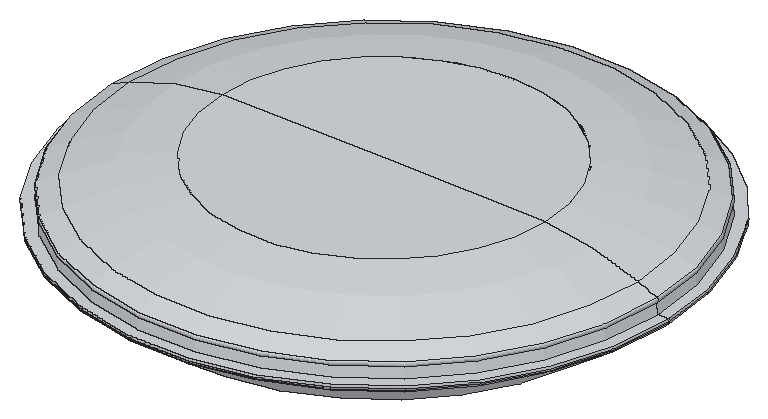
Revit family "Lighting-ArredoUrbano-GEWISS-URBAN[O3]-LED-SBRACCIGW_OTTICA_CICLOPEDONALE", category Apparecchi per illuminazione, host Superficie, Revit 2019
Family settings
  Host = Superficie
  Quota connettore circolare = Usa diametro
  Tipo di parte = Normale
  Numero OmniClass = 23.80.70.00
  Titolo OmniClass = Lighting
  Taglio con vuoti quando caricato = No
  Sorgente d'illuminazione = No
  Condiviso = No
  Punto di calcolo locali = Sì
Parameters (values of type "GWS7502B - URBAN LED 3M 3500K SB.GW O.C.BLU")
  Visibility_label [instance] = yes
  Vetro = GEWISS - VETRO
  Versione file RFA = "20.11"
  Urbano 2D [instance] = yes
  Tipologia sorgente luminosa = "LED"
  Tipologia lampada = "LED"
  Tipo alimentatore = "Driver Led in corrente continua"
  Tensione: = "220/240 V - 50/60 Hz"
  Tensione = "220/240 V - 50/60 Hz - Stand alone e/o dimmerabile 1-10 V"
  Temperatura di utilizzo = "-25 +35 °C"
  Temperatura di funzionamento = "-25 +35 °C"
  Temperatura di colore: = "3500 K (CRI 85)"
  Temperatura di colore = "3500 K (CRI 85)"
  Superficie massima esposta al vento = "0,25M2"
  Spostamento_y_etichetta [instance] = 0 mm
  Spostamento_y_effettivo_etichetta [instance] = 1500 mm - Spostamento_y_etichetta  # 1500 mm
  Spostamento_x_etichetta [instance] = 0 mm
  Spostamento_x_effettivo_etichetta [instance] = 1500 mm - Spostamento_x_etichetta  # 1500 mm
  URL = "https://www.gewiss.com/it/it"
  Simbolo in pianta [instance] = not(Urbano 2D)  # no
  Scheda Tecnica = "https://www.gewiss.com/it/it/search?q=GWS7502B"
  SEO = "Stradale"
  Rischio fotobiologico: = "RG1/RG2 @ 20cm"
  Rischio fotobiologico = "RG1/RG2 @ 20cm"
  Resistenza agli urti = "IK08 CORPO - IK06 LENTI"
  Default Elevation = 1219.2 mm
  Produttore = "GEWISS S.p.A."
  Potenza di sistema = "81W"
  Peso (kg): = "8,8"
  Peso (kg) = "8,8"
  Ottica = "Ciclopedonale - ULOR: 0%"
  Numero moduli = "3 (3x16 LED)"
  N. moduli Chorus = "3 (3x16 LED)"
  Modello = "GWS7502B"
  Lumen output (lm) = "4740"
  LED LifeTime (L90B20) = "50000H"
  LED LifeTime (L80B20) = "50000h"
  LED Life time (L80B10) = "100000H"
  Immagine tipo = GW87908.jpg
  IFC.TypeObject = ""
  IFC.ExportType = ""
  IFC.ExportAs = ""
  IDT = "a19afcb9-5bbe-476a-b188-1c900bde322b"
  IDF = "d8fedbbd-84cd-4dc8-bdd0-0df7432b89f4"
  Grado di protezione = "IP66"
  Garanzia = "5 anni"
  FunzionalitÃ  alimentatore = ""
  Flusso nominale (lm) = "5760"
  Finitura = GEWISS - BLU NOTTE
  Distanza minima dall'oggetto illuminato = "1M"
  Descrizione = "URBAN LED 3M 3500K SBRACCI GW CICLOPEDONALE BLU"
  Creato da GEWISS S.p.A. = ""
  Corrente di pilotaggio LED = "530mA"
  Corrente di pilotaggio = "530mA"
  Type Comments = ""
  Colore = "Blu notte"
  Codice Electrocod = "244C"
  Codice EAN = "8011564868946"
  Classe isolamento = "II"
  Catalogo Serie = "URBAN [O3]"
  Catalogo = "LIGHTING"
  COBie.Tagnumber = ""
  COBie.CreatedOn = ""
  COBie.CreatebBy = ""
  COBie.ComponentRegisterItemID = ""
  COBie.Component.TagNumber = ""
  COBie.Component.Space = ""
  COBie.Component.SerialNumber = ""
  COBie.Component.InstallationDate = ""
  COBie.Component.Description = ""
  COBie.Component.BarCode = ""
  Applicazione = "Esterno"
  Adatto per: = "Sbracci Gewiss"
  Adatto per = "Sbracci Gewiss"
Types (4, lengths in mm): name | Scheda Tecnica | Potenza di sistema | Peso (kg): | Peso (kg) | Numero moduli | N. moduli Chorus | Modello | Lumen output (lm) | IDT | Flusso nominale (lm) | Descrizione | Codice EAN
  (no name) | "https://www.gewiss.com/it/it/search?q=GWS7502B" | "81W" | "8,8" | "8,8" | "3 (3x16 LED)" | "3 (3x16 LED)" | "GWS7502B" | "4740" | "a19afcb9-5bbe-476a-b188-1c900bde322b" | "5760" | "URBAN LED 3M 3500K SBRACCI GW CICLOPEDONALE BLU" | "8011564868946"
  GWS7501B - URBAN LED 2M 3500K SB.GW O.C.BLU | "https://www.gewiss.com/it/it/search?q=GWS7501B" | "54W" | "8,2" | "8,2" | "2 (2x16 LED)" | "2 (2x16 LED)" | "GWS7501B" | "3240" | "9cef22dd-848f-4656-b66b-5d2c6d9a165e" | "3940" | "URBAN LED 2M 3500K SBRACCI GW CICLOPEDONALE BLU" | "8011564868939"
  GWS7502B - URBAN LED 3M 3500K SB.GW O.C.BLU | "https://www.gewiss.com/it/it/search?q=GWS7502B" | "81W" | "8,8" | "8,8" | "3 (3x16 LED)" | "3 (3x16 LED)" | "GWS7502B" | "4740" | "a19afcb9-5bbe-476a-b188-1c900bde322b" | "5760" | "URBAN LED 3M 3500K SBRACCI GW CICLOPEDONALE BLU" | "8011564868946"
  GWS7503B - URBAN LED 4M 3500K SB.GW O.C.BLU | "https://www.gewiss.com/it/it/search?q=GWS7503B" | "105W" | "9,5" | "9,5" | "4 (4x16 LED)" | "4 (4x16 LED)" | "GWS7503B" | "6210" | "1c2fd19a-ae80-4471-bd42-ebf9ea4325ee" | "7540" | "URBAN LED 4M 3500K SBRACCI GW CICLOPEDONALE BLU" | "8011564868953"
Reference planes
  plane 1 "Centro (Fronte/Retro)": y = 0
  plane 2: z = 0
  plane 3 "Centro (Sinistra/Destra)": x = 0
  plane 4: x = -1500
  plane 5: y = -1500
  plane 6: x = 0
  plane 7: y = 0
Lines and regions (mm)
  Masking region 1, visible <- "Urbano 2D"
    outline origin (0, 0, 0) x (1, 0, 0) y (0, 1, 0)
      loop
        circle (0.023, 0) r 285
  symbolic lines, visible <- "Urbano 2D"
    curve 1: circle (0.023, 0, 0) r 185 normal (0, 0, 1)
Dimensions and locks
  plane 4 to plane 3 "Centro (Sinistra/Destra)" = 1500 mm
  "Spostamento_x_effettivo_etichetta": plane 4 to plane 6
  "Spostamento_y_effettivo_etichetta": plane 7 to plane 5
  plane 5 to plane 1 "Centro (Fronte/Retro)" = 1500 mm
  aligned and locked: plane 2 to host face
  aligned and locked: level to host face
  aligned and locked: plane 3 "Centro (Sinistra/Destra)" to nested 1
  aligned and locked: plane 3 "Centro (Sinistra/Destra)" to nested 2
  aligned and locked: plane 1 "Centro (Fronte/Retro)" to nested 2
  aligned and locked: host face to nested 2
  aligned and locked: plane 6 to nested 3
  aligned and locked: nested 3 to plane 7
Automatic sketch dimensions
  host sketch curve to host sketch curve = 2438.4 mm  (x2)
  plane 1 "Centro (Fronte/Retro)" to Masking region 1 sketch curve = 0 mm
  plane 3 "Centro (Sinistra/Destra)" to Masking region 1 sketch curve = 0.023 mm
  plane 1 "Centro (Fronte/Retro)" to curve 1 = 0 mm
  plane 3 "Centro (Sinistra/Destra)" to curve 1 = 0.023 mm
  radius of Masking region 1 sketch curve = 285 mm
  radius of curve 1 = 185 mm
Nested families
  nested 1: "URBANO_annotazione" at (0, 0, 0), visible <- "Simbolo in pianta", type "URBANO_annotazione"
  nested 2: "generico URBAN[O3] ILLUM URBANA LED X SBRACCI GW OTTICA CICLOPED" at (0, 0, 145.179) x (1, 0, 0) z (0, 0, -1), type "generico URBAN[O3] ILLUM URBANA LED X SBRACCI GW OTTICA CICLOPED"
  nested 3: "ETICHETTA LIGHT" at (0, 0, 0), visible <- "Visibility_label", type "ETICHETTA LIGHT"
Definition of nested family "generico URBAN[O3] ILLUM URBANA LED X SBRACCI GW OTTICA CICLOPED"
  Parameters (values of type "generico URBAN[O3] ILLUM URBANA LED X SBRACCI GW OTTICA CICLOPED")
    Vetro = none
    Default Elevation = 1219.2 mm
    Finitura = none
  Reference planes
    plane 1 "Centro (Fronte/Retro)": y = 0
    plane 2: z = 0
    plane 3 "Centro (Sinistra/Destra)": x = 0
    plane 4: z = 33.903
    plane 5: z = 44.56
    plane 6: y = -40
    plane 7: y = 40
    plane 8: y = -21.818
    plane 9: y = 25
    plane 10: z = 245.237
  Forms (mm)
    Revolve 1, solid, material <- "Finitura"
      sketch origin (0, 0, 0) x (1, 0, 0) y (0, 0, 1)
        loop
          line (0, 145.179) -> (-39.848, 145.179) -> (-43.403, 143.885)
          arc (-43.403, 143.885) -> (-170.03, 116.692) -> (-281.867, 51.376) r 410.213
          arc (-281.867, 51.376) -> (-283.095, 50.238) -> (-284.305, 49.08) r 104.477
          arc (-284.305, 49.08) -> (-284.915, 48.205) -> (-285.157, 47.166) r 2.821
          line (-285.157, 47.166) -> (-285.157, 44.56) -> (0, 44.56) -> (0, 145.179)
        axis (0, 145.179) -> (0, 44.56)
      angle from 0 to 360
    Revolve 2, solid, material <- "Vetro"
      sketch origin (0, 0, 0) x (1, 0, 0) y (0, 0, 1)
        loop
          line (0, 44.56) -> (-273.995, 44.56) -> (-273.274, 33.903)
          arc (-273.274, 33.903) -> (-274.138, 31.863) -> (-273.281, 29.819) r 2.854
          arc (-273.281, 29.819) -> (-264.038, 25.43) -> (-254.645, 21.373) r 286.239
          arc (-254.645, 21.373) -> (-209.229, 6.908) -> (-162.069, 0) r 292.91
          line (-162.069, 0) -> (0, 0) -> (0, 44.56)
        axis (0, 44.56) -> (0, 0)
      angle from 0 to 360
  Lines and regions (mm)
    model lines
      curve 1: line (0, 0, 149.579) -> (0, 0, 134.579)
  Dimensions and locks
    locked: plane 5 to plane 4 at 10.656
    plane 4 to plane 2 = 33.903 mm
    equal spacing: plane 6, plane 1 "Centro (Fronte/Retro)", plane 7
    plane 6 to plane 7 = 80 mm
    locked: plane 6 to plane 8 at 18.182
    locked: plane 9 to plane 7 at 15
    aligned and locked: level to plane 2
    aligned and locked: Revolve 1 sketch curve to plane 5
    aligned and locked: Revolve 1 sketch curve to plane 3 "Centro (Sinistra/Destra)"
    aligned and locked: Revolve 2 sketch curve to plane 5
    aligned and locked: Revolve 2 sketch curve to level
    aligned and locked: Revolve 2 sketch curve to plane 3 "Centro (Sinistra/Destra)"
  Automatic sketch dimensions
    curve 1 to plane 3 "Centro (Sinistra/Destra)" = 0 mm
    curve 1 to plane 5 = 90.019 mm
    curve 1 to curve 1 = 15 mm
    Revolve 1 sketch curve to plane 3 "Centro (Sinistra/Destra)" = 0 mm
    Revolve 1 sketch curve to plane 3 "Centro (Sinistra/Destra)" = 21.666 mm
    Revolve 1 sketch curve to plane 3 "Centro (Sinistra/Destra)" = 39.848 mm
    Revolve 1 sketch curve to Revolve 1 sketch curve = 3.555 mm
    Revolve 1 sketch curve to level = 25.811 mm
    Revolve 1 sketch curve to plane 3 "Centro (Sinistra/Destra)" = 211.457 mm
    Revolve 1 sketch curve to plane 5 = 2.498 mm
    Revolve 1 sketch curve to Revolve 1 sketch curve = 70.881 mm
    Revolve 1 sketch curve to Revolve 1 sketch curve = 2.819 mm
    Revolve 1 sketch curve to level = 265.751 mm
    Revolve 1 sketch curve to Revolve 1 sketch curve = 2.606 mm
    Revolve 1 sketch curve to plane 5 = 99.325 mm
    Revolve 1 sketch curve to Revolve 1 sketch curve = 1.294 mm
    Revolve 1 sketch curve to Revolve 1 sketch curve = 2.438 mm
    Revolve 1 sketch curve to Revolve 1 sketch curve = 100.293 mm
    Revolve 1 sketch curve to Revolve 1 sketch curve = 2069.136 mm
    Revolve 2 sketch curve to plane 4 = 0 mm
    Revolve 2 sketch curve to plane 3 "Centro (Sinistra/Destra)" = 0 mm
    Revolve 2 sketch curve to plane 3 "Centro (Sinistra/Destra)" = 143.339 mm
    Revolve 2 sketch curve to Revolve 2 sketch curve = 2.535 mm
    Revolve 2 sketch curve to plane 3 "Centro (Sinistra/Destra)" = 162.069 mm
    plane 4 to Revolve 2 sketch curve = 2.046 mm
    Revolve 2 sketch curve to Revolve 2 sketch curve = 109.215 mm
    Revolve 2 sketch curve to Revolve 2 sketch curve = 1.99 mm
    Revolve 2 sketch curve to Revolve 2 sketch curve = 0.721 mm
    Revolve 2 sketch curve to plane 5 = 241.58 mm
    Revolve 2 sketch curve to Revolve 2 sketch curve = 6.171 mm
    Revolve 2 sketch curve to Revolve 2 sketch curve = 0 mm
    Revolve 2 sketch curve to level = 366.045 mm
    Revolve 2 sketch curve to Revolve 2 sketch curve = 1922.004 mm
Definition of nested family "URBANO_annotazione"
  Reference planes
    plane 1: y = 0
    plane 2: x = 0
  Lines and regions (mm)
    detail lines
      curve 1: circle (0.023, 0.036, 0) r 2.492 normal (0, 0, 1)
      curve 2: line (-1.739, 1.798, 0) -> (1.785, -1.726, 0)
      curve 3: line (-1.739, -1.726, 0) -> (1.785, 1.798, 0)
Definition of nested family "ETICHETTA LIGHT"
  Parameters (values of type "ETICHETTA LIGHT")
    COMMENTI = "32W"
  Reference planes
    plane 1: y = 0
    plane 2: x = 0
  Text (mm)
    label "COMMENTI" at (-0.057, 0.105, 0), shows "COMMENTI"
